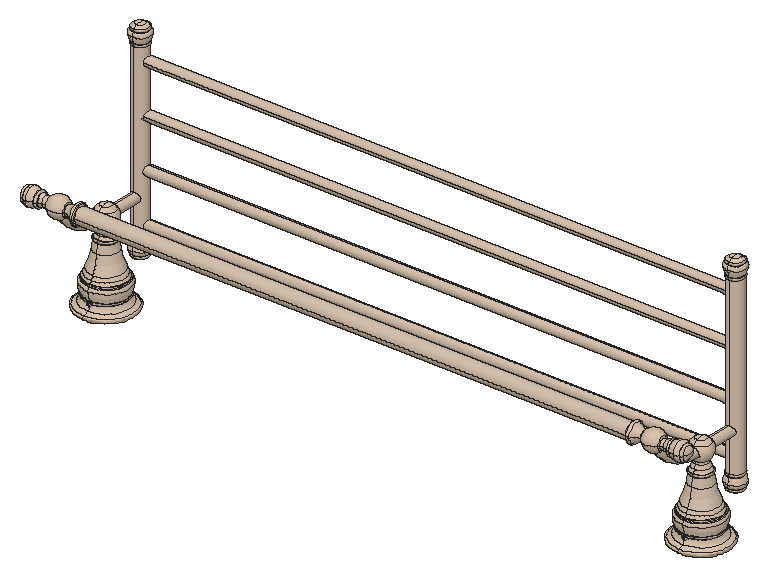
Revit family "Accessory-Towel_Bar-KOHLER-REVIVAL-K-98107T_1", category Specialty Equipment, host Face, Revit 2021 (continued)
Definition of nested family "K-98107T"
  Lines and regions (in)
    Masking region 3
      outline origin (0, 0, 0) x (0, 1, 0) y (0, 0, 1)
        loop
          arc (-0.2671, 2.87788) -> (-0.27576, 2.82753) -> (-0.29324, 2.77953) r 0.28599
          arc (-0.29324, 2.77953) -> (-0.34173, 2.67017) -> (-0.38552, 2.55884) r 2.81035
          arc (-0.38552, 2.55884) -> (-0.398, 2.54035) -> (-0.4176, 2.52969) r 0.04696
          arc (-0.4176, 2.52969) -> (-0.43972, 2.50656) -> (-0.42915, 2.47636) r 0.03062
          arc (-0.42915, 2.47636) -> (-0.41728, 2.4604) -> (-0.41442, 2.44072) r 0.04063
          arc (-0.41442, 2.44072) -> (-0.47015, 2.06586) -> (-0.55942, 1.69754) r 4.20474
          arc (-0.55942, 1.69754) -> (-0.62716, 1.50077) -> (-0.71373, 1.31151) r 2.13674
          arc (-0.71373, 1.31151) -> (-0.75405, 1.22981) -> (-0.79121, 1.14662) r 2.36848
          arc (-0.79121, 1.14662) -> (-0.80183, 1.13037) -> (-0.81746, 1.11886) r 0.05473
          arc (-0.81746, 1.11886) -> (-0.83253, 1.10239) -> (-0.83242, 1.08006) r 0.03063
          arc (-0.83242, 1.08006) -> (-0.83134, 1.06382) -> (-0.83994, 1.05) r 0.02655
          arc (-0.83994, 1.05) -> (-0.88339, 0.9924) -> (-0.89791, 0.92173) r 0.16394
          arc (-0.89791, 0.92173) -> (-0.89427, 0.84956) -> (-0.88617, 0.77775) r 1.16567
          arc (-0.88617, 0.77775) -> (-0.86357, 0.66873) -> (-0.82785, 0.56327) r 0.91173
          arc (-0.82785, 0.56327) -> (-0.82715, 0.54774) -> (-0.83643, 0.53528) r 0.02314
          arc (-0.83643, 0.53528) -> (-0.8502, 0.51116) -> (-0.83915, 0.48568) r 0.03103
          arc (-0.83915, 0.48568) -> (-0.82509, 0.46624) -> (-0.82192, 0.44245) r 0.04909
          arc (-0.82192, 0.44245) -> (-0.84164, 0.35639) -> (-0.87977, 0.27675) r 0.39973
          arc (-0.87977, 0.27675) -> (-0.97513, 0.17591) -> (-1.10224, 0.12022) r 0.34894
          arc (-1.10224, 0.12022) -> (-1.14985, 0.05434) -> (-1.0894, 0) r 0.06079
    symbolic lines, detail levels medium+fine
      curve 1: line (-13.3264, -2.70409, 0) -> (-13.3264, -2.08799, 0)
      curve 2: line (-13.24477, -2.07219, 0) -> (-13.24477, -2.71989, 0)
      curve 3: line (-13.20679, -2.0682, 0) -> (-13.20679, -2.72387, 0)
      curve 4: line (-12.77574, -2.0707, 0) -> (-12.77574, -2.72138, 0)
      curve 5: line (-12.80629, -2.07548, 0) -> (-12.80629, -2.71659, 0)
      curve 6: line (-12.69102, -2.10322, 0) -> (-12.69102, -2.68886, 0)
      curve 7: line (-12.33019, -2.17314, 0) -> (-12.33019, -2.61894, 0)
      curve 8: line (-11.64911, -2.17728, 0) -> (-11.64911, -2.62095, 0)
      curve 9: line (-11.12809, -2.05118, 0) -> (-11.12809, -2.67323, 0)
      curve 10: line (-11.26416, -1.99726, 0) -> (-11.26416, -2.80097, 0)
      curve 11: arc (-12.18658, 0.39096, 0) -> (-12.42661, -0.00042, 0) -> (-12.18583, -0.39134, 0) r 0.43842
      curve 12: arc (-11.78768, -0.38988, 0) -> (-11.54977, 0.00119, 0) -> (-11.7898, 0.39096, 0) r 0.43842
      curve 13: line (-12.18658, 1.1321, 0) -> (-12.18658, 0.36202, 0)
      curve 14: line (-11.7898, 1.1321, 0) -> (-11.7898, 0.36202, 0)
      curve 15: line (-11.78768, -1.14961, 0) -> (-11.78768, -0.36202, 0)
      curve 16: line (-12.18583, -1.13223, 0) -> (-12.18583, -0.36202, 0)
      curve 17: line (-11.7409, 0.36202, 0) -> (-12.23548, 0.36202, 0)
      curve 18: line (-11.7409, -0.36202, 0) -> (-12.23548, -0.36202, 0)
      curve 19: arc (-12.18658, 1.08882, 0) -> (-13.09494, -0.00038, 0) -> (-12.18583, -1.08896, 0) r 1.10675
      curve 20: arc (-12.18658, 0.80632, 0) -> (-12.81856, -0.00039, 0) -> (-12.18583, -0.8065, 0) r 0.83037
      curve 21: arc (-12.18658, 0.78603, 0) -> (-12.79887, -0.00039, 0) -> (-12.18583, -0.78622, 0) r 0.81068
      curve 22: arc (-12.18658, 1.06881, 0) -> (-13.07525, -0.00038, 0) -> (-12.18583, -1.06895, 0) r 1.08706
      curve 23: arc (-12.18658, 0.87567, 0) -> (-12.88605, -0.00038, 0) -> (-12.18583, -0.87584, 0) r 0.89786
      curve 24: arc (-11.67536, 1.04108, 0) -> (-11.7322, 1.05649, 0) -> (-11.7898, 1.06881, 0) r 1.08706
      curve 25: arc (-11.78768, -1.06841, 0) -> (-10.90266, -0.0578, 0) -> (-11.67536, 1.04108, 0) r 1.08706
      curve 26: arc (-11.78768, -1.08843, 0) -> (-10.88144, 0.00108, 0) -> (-11.7898, 1.08882, 0) r 1.10675
      curve 27: arc (-11.78768, -0.8058, 0) -> (-11.15782, 0.00109, 0) -> (-11.7898, 0.80632, 0) r 0.83037
      curve 28: arc (-11.78768, -0.7855, 0) -> (-11.17751, 0.00109, 0) -> (-11.7898, 0.78603, 0) r 0.81068
      curve 29: arc (-11.78768, -0.87519, 0) -> (-11.09033, 0.00109, 0) -> (-11.7898, 0.87567, 0) r 0.89786
      curve 30: line (13.3264, -2.70409, 0) -> (13.3264, -2.08799, 0)
      curve 31: line (13.24477, -2.07219, 0) -> (13.24477, -2.71989, 0)
      curve 32: line (13.20679, -2.0682, 0) -> (13.20679, -2.72387, 0)
      curve 33: line (12.77574, -2.0707, 0) -> (12.77574, -2.72138, 0)
      curve 34: line (12.80629, -2.07548, 0) -> (12.80629, -2.71659, 0)
      curve 35: line (12.69102, -2.10322, 0) -> (12.69102, -2.68886, 0)
      curve 36: line (12.33019, -2.17314, 0) -> (12.33019, -2.61894, 0)
      curve 37: line (11.12809, -2.05118, 0) -> (11.12809, -2.67323, 0)
      curve 38: line (11.26416, -1.99726, 0) -> (11.26416, -2.80097, 0)
      curve 39: arc (12.18658, 0.39096, 0) -> (12.42661, -0.00042, 0) -> (12.18583, -0.39134, 0) r 0.43842
      curve 40: arc (11.78768, -0.38988, 0) -> (11.54977, 0.00119, 0) -> (11.7898, 0.39096, 0) r 0.43842
      curve 41: line (12.18658, 1.1321, 0) -> (12.18658, 0.36202, 0)
      curve 42: line (11.7898, 1.1321, 0) -> (11.7898, 0.36202, 0)
      curve 43: line (11.78768, -1.14961, 0) -> (11.78768, -0.36202, 0)
      curve 44: line (12.18583, -1.13223, 0) -> (12.18583, -0.36202, 0)
      curve 45: line (11.7409, 0.36202, 0) -> (12.23548, 0.36202, 0)
      curve 46: line (11.7409, -0.36202, 0) -> (12.23548, -0.36202, 0)
      curve 47: arc (12.18658, 1.08882, 0) -> (13.09494, -0.00038, 0) -> (12.18583, -1.08896, 0) r 1.10675
      curve 48: arc (12.18658, 0.80632, 0) -> (12.81856, -0.00039, 0) -> (12.18583, -0.8065, 0) r 0.83037
      curve 49: arc (12.18658, 0.78603, 0) -> (12.79887, -0.00039, 0) -> (12.18583, -0.78622, 0) r 0.81068
      curve 50: arc (12.18658, 1.06881, 0) -> (13.07525, -0.00038, 0) -> (12.18583, -1.06895, 0) r 1.08706
      curve 51: arc (12.18658, 0.87567, 0) -> (12.88605, -0.00038, 0) -> (12.18583, -0.87584, 0) r 0.89786
      curve 52: arc (11.67536, 1.04108, 0) -> (11.7322, 1.05649, 0) -> (11.7898, 1.06881, 0) r 1.08706
      curve 53: arc (11.78768, -1.06841, 0) -> (10.90266, -0.0578, 0) -> (11.67536, 1.04108, 0) r 1.08706
      curve 54: arc (11.78768, -1.08843, 0) -> (10.88144, 0.00108, 0) -> (11.7898, 1.08882, 0) r 1.10675
      curve 55: arc (11.78768, -0.8058, 0) -> (11.15782, 0.00109, 0) -> (11.7898, 0.80632, 0) r 0.83037
      curve 56: arc (11.78768, -0.7855, 0) -> (11.17751, 0.00109, 0) -> (11.7898, 0.78603, 0) r 0.81068
      curve 57: arc (11.78768, -0.87519, 0) -> (11.09033, 0.00109, 0) -> (11.7898, 0.87567, 0) r 0.89786
      curve 58: line (11.64911, -2.17314, 0) -> (11.64911, -2.62095, 0)
      curve 59: line (-11.14777, -1.97124, 0) -> (-11.14777, -2.82699, 0)
      curve 60: line (-11.28384, -2.01538, 0) -> (-11.28384, -2.78285, 0)
      curve 61: circle (-11.98819, 1.73228, 0) r 0.34308 normal (0, 0, 1)
      curve 62: circle (-11.98819, 1.73228, 0) r 0.29905 normal (0, 0, 1)
      curve 63: arc (-11.63047, 1.91929, 0) -> (-11.59336, 1.73228, 0) -> (-11.63047, 1.54528, 0) r 0.48975
      curve 64: arc (-11.6394, 1.91512, 0) -> (-11.6032, 1.73228, 0) -> (-11.6394, 1.54944, 0) r 0.47991
      curve 65: arc (-11.79464, 1.38932, 0) -> (-11.70544, 1.45816, 0) -> (-11.6394, 1.54944, 0) r 0.39381
      curve 66: arc (-11.6394, 1.91512, 0) -> (-12.26231, 2.01503, 0) -> (-12.18174, 1.38932, 0) r 0.39381
      curve 67: arc (-12.18174, 1.38932, 0) -> (-11.98819, 1.33847, 0) -> (-11.79464, 1.38932, 0) r 0.39381
      curve 68: arc (11.67536, 1.04108, 0) -> (11.7322, 1.05649, 0) -> (11.7898, 1.06881, 0) r 1.08706
      curve 69: circle (11.98819, 1.73228, 0) r 0.34308 normal (0, 0, -1)
      curve 70: circle (11.98819, 1.73228, 0) r 0.29905 normal (0, 0, -1)
      curve 71: arc (11.63047, 1.91929, 0) -> (11.59336, 1.73228, 0) -> (11.63047, 1.54528, 0) r 0.48975
      curve 72: arc (11.6394, 1.91512, 0) -> (11.6032, 1.73228, 0) -> (11.6394, 1.54944, 0) r 0.47991
      curve 73: arc (11.79464, 1.38932, 0) -> (11.70544, 1.45816, 0) -> (11.6394, 1.54944, 0) r 0.39381
      curve 74: arc (11.6394, 1.91512, 0) -> (12.26231, 2.01503, 0) -> (12.18174, 1.38932, 0) r 0.39381
      curve 75: arc (12.18174, 1.38932, 0) -> (11.98819, 1.33847, 0) -> (11.79464, 1.38932, 0) r 0.39381
      curve 76: arc (12.18658, 1.38075, 0) -> (11.98819, 1.32863, 0) -> (11.7898, 1.38075, 0) r 0.40365
      curve 77: arc (-12.18658, 1.38075, 0) -> (-11.98819, 1.32863, 0) -> (-11.7898, 1.38075, 0) r 0.40365
      curve 78: line (11.274, -2.00645, 0) -> (11.274, -2.79178, 0)
      curve 79: line (11.13793, -1.9798, 0) -> (11.13793, -2.81843, 0)
      curve 80: line (-10.89048, 0, 0.12003) -> (-13.06177, 0, 0.12003)
      curve 81: line (-11.15358, 0, 0.48596) -> (-12.82279, 0, 0.48596)
      curve 82: line (-11.1519, 0, 0.53401) -> (-12.82448, 0, 0.53401)
      curve 83: line (-11.16248, 0, 0.5684) -> (-12.81389, 0, 0.5684)
      curve 84: line (-11.17405, 0, 1.11912) -> (-11.66644, 0, 1.11912)
      curve 85: line (-11.15628, 0, 1.0791) -> (-11.7295, 0, 1.0791)
      curve 86: line (-11.14903, 0, 1.04704) -> (-11.78834, 0, 1.04704)
      curve 87: line (-11.67739, 0, 4.45323) -> (11.67739, 0, 4.45323)
      curve 88: line (-11.67739, 0, 4.45323) -> (-11.67739, 0, 4.93653)
      curve 89: line (-11.12715, 0, 4.93791) -> (-11.12715, 0, 4.45323)
      curve 90: line (-11.22678, 0, 5.02484) -> (-11.22678, 0, 4.45323)
      curve 91: line (-11.647, 0, 4.85013) -> (-11.647, 0, 4.45323)
      curve 92: arc (-11.67739, 0, 4.45323) -> (-11.72914, 0, 4.25638) -> (-11.67739, 0, 4.05953) r 0.40025
      curve 93: line (-11.67544, 0, 2.74156) -> (-11.67544, 0, 2.48472)
      curve 94: line (-11.67544, 0, 2.48472) -> (-11.54279, 0, 2.48472)
      curve 95: line (-11.52686, 0, 2.10753) -> (-11.6781, 0, 2.10753)
      curve 96: line (-11.6781, 0, 2.10753) -> (-11.6781, 0, 1.74171)
      curve 97: arc (-11.67544, 0, 2.48472) -> (-11.74272, 0, 2.29007) -> (-11.6781, 0, 2.09451) r 0.32161
      curve 98: line (-11.6781, 0, 1.74171) -> (-12.29928, 0, 1.74171)
      curve 99: line (-12.29928, 0, 1.74171) -> (-12.29928, 0, 2.72596)
      curve 100: arc (-11.6781, 0, 1.74171) -> (-11.64907, 0, 1.70428) -> (-11.66512, 0, 1.65971) r 0.04917
      curve 101: arc (-11.66512, 0, 1.65971) -> (-11.67261, 0, 1.64631) -> (-11.67009, 0, 1.63117) r 0.02316
      curve 102: arc (-11.67009, 0, 1.63117) -> (-11.64888, 0, 1.58806) -> (-11.63173, 0, 1.54319) r 0.52157
      curve 103: arc (-11.63173, 0, 1.54319) -> (-11.60782, 0, 1.4612) -> (-11.58973, 0, 1.37774) r 1.21329
      curve 104: arc (-11.58973, 0, 1.37774) -> (-11.60124, 0, 1.2921) -> (-11.66059, 0, 1.22929) r 0.14086
      curve 105: arc (-11.66059, 0, 1.22929) -> (-11.67181, 0, 1.2128) -> (-11.66506, 0, 1.19404) r 0.02196
      curve 106: arc (-11.66506, 0, 1.19404) -> (-11.65033, 0, 1.14624) -> (-11.68392, 0, 1.10918) r 0.05054
      curve 107: arc (-11.86737, 0, 1.01427) -> (-11.97111, 0, 0.99412) -> (-12.07634, 0, 1.00381) r 0.37379
      curve 108: arc (-11.68392, 0, 1.10918) -> (-11.77223, 0, 1.05512) -> (-11.86737, 0, 1.01427) r 0.72084
      curve 109: arc (-12.29827, 0, 1.74171) -> (-12.3273, 0, 1.70428) -> (-12.31126, 0, 1.65971) r 0.04917
      curve 110: arc (-12.31126, 0, 1.65971) -> (-12.30376, 0, 1.64631) -> (-12.30629, 0, 1.63117) r 0.02316
      curve 111: arc (-12.30629, 0, 1.63117) -> (-12.3275, 0, 1.58806) -> (-12.34465, 0, 1.54319) r 0.52157
      curve 112: arc (-12.34465, 0, 1.54319) -> (-12.36856, 0, 1.4612) -> (-12.38665, 0, 1.37774) r 1.21329
      curve 113: arc (-12.38665, 0, 1.37774) -> (-12.37514, 0, 1.2921) -> (-12.31579, 0, 1.22929) r 0.14086
      curve 114: arc (-12.31579, 0, 1.22929) -> (-12.30457, 0, 1.2128) -> (-12.31132, 0, 1.19404) r 0.02196
      curve 115: arc (-12.31132, 0, 1.19404) -> (-12.32605, 0, 1.14624) -> (-12.29246, 0, 1.10918) r 0.05054
      curve 116: arc (-12.29246, 0, 1.10918) -> (-12.18882, 0, 1.04742) -> (-12.07634, 0, 1.00381) r 0.72084
      curve 117: line (-12.30994, 0, 1.11912) -> (-12.80233, 0, 1.11912)
      curve 118: line (-12.24688, 0, 1.0791) -> (-12.8201, 0, 1.0791)
      curve 119: line (-12.18804, 0, 1.04704) -> (-12.82734, 0, 1.04704)
      curve 120: line (-11.66512, 0, 1.65971) -> (-12.31126, 0, 1.65971)
      curve 121: line (-11.67009, 0, 1.63117) -> (-12.30629, 0, 1.63117)
      curve 122: line (-11.66059, 0, 1.22929) -> (-12.31579, 0, 1.22929)
      curve 123: line (-11.66506, 0, 1.19404) -> (-12.31132, 0, 1.19404)
      curve 124: line (-11.67873, 0, 2.97284) -> (-11.67873, 0, 3.5868)
      curve 125: line (-12.29765, 0, 2.97284) -> (-12.29765, 0, 3.5868)
      curve 126: line (-13.33018, 0, 4.33264) -> (-13.33018, 0, 4.92262)
      curve 127: line (-13.23816, 0, 4.95121) -> (-13.23816, 0, 4.30527)
      curve 128: line (-13.20452, 0, 4.95556) -> (-13.20452, 0, 4.30092)
      curve 129: line (-12.80309, 0, 4.94847) -> (-12.80309, 0, 4.30801)
      curve 130: line (-12.77059, 0, 4.95422) -> (-12.77059, 0, 4.30227)
      curve 131: line (-12.67009, 0, 4.89538) -> (-12.67009, 0, 4.3611)
      curve 132: line (-12.68758, 0, 4.91969) -> (-12.68758, 0, 4.3368)
      curve 133: line (-12.32729, 0, 4.85186) -> (-12.32729, 0, 4.40462)
      curve 134: line (-12.29919, 0, 4.94083) -> (-12.29765, 0, 4.31382)
      curve 135: arc (-11.67608, 0, 6.42173) -> (-11.74752, 0, 6.23276) -> (-11.67608, 0, 6.04378) r 0.28568
      curve 136: arc (-11.67719, 0, 8.39024) -> (-11.74369, 0, 8.20106) -> (-11.67608, 0, 8.01228) r 0.29984
      curve 137: line (-12.37684, 0, 2.54837) -> (-12.29928, 0, 2.54837)
      curve 138: line (-12.40084, 0, 2.53049) -> (-12.29928, 0, 2.53049)
      curve 139: line (-12.41217, 0, 2.47701) -> (-12.29928, 0, 2.47701)
      curve 140: line (-12.39798, 0, 2.45042) -> (-12.29928, 0, 2.45042)
      curve 141: line (-11.59954, 0, 2.54837) -> (-11.67544, 0, 2.54837)
      curve 142: line (-11.56774, 0, 2.5309) -> (-11.67544, 0, 2.5309)
      curve 143: line (-11.68548, 0, 9.38798) -> (-12.2909, 0, 9.38798)
      curve 144: line (-11.66551, 0, 9.30484) -> (-12.31086, 0, 9.30484)
      curve 145: line (-11.66299, 0, 9.26978) -> (-12.31339, 0, 9.26978)
      curve 146: line (-11.6684, 0, 8.87036) -> (-12.31339, 0, 8.87036)
      curve 147: line (-11.66359, 0, 8.83397) -> (-12.31279, 0, 8.83397)
      curve 148: line (-11.67719, 0, 8.75244) -> (-12.29919, 0, 8.75244)
      curve 149: line (10.89048, 0, 0.12003) -> (13.06177, 0, 0.12003)
      curve 150: line (11.15358, 0, 0.48596) -> (12.82279, 0, 0.48596)
      curve 151: line (11.1519, 0, 0.53401) -> (12.82448, 0, 0.53401)
      curve 152: line (11.16248, 0, 0.5684) -> (12.81389, 0, 0.5684)
      curve 153: line (11.17405, 0, 1.11912) -> (11.66644, 0, 1.11912)
      curve 154: line (11.15628, 0, 1.0791) -> (11.7295, 0, 1.0791)
      curve 155: line (11.14903, 0, 1.04704) -> (11.78834, 0, 1.04704)
      curve 156: line (11.67739, 0, 4.45323) -> (11.67739, 0, 4.93653)
      curve 157: line (11.12715, 0, 4.93791) -> (11.12715, 0, 4.45323)
      curve 158: line (11.22678, 0, 5.02484) -> (11.22678, 0, 4.45323)
      curve 159: line (11.647, 0, 4.85013) -> (11.647, 0, 4.45323)
      curve 160: arc (11.67739, 0, 4.45323) -> (11.72914, 0, 4.25638) -> (11.67739, 0, 4.05953) r 0.40025
      curve 161: line (11.67544, 0, 2.74156) -> (11.67544, 0, 2.48472)
      curve 162: line (11.67544, 0, 2.48472) -> (11.54279, 0, 2.48472)
      curve 163: line (11.52686, 0, 2.10753) -> (11.6781, 0, 2.10753)
      curve 164: line (11.6781, 0, 2.10753) -> (11.6781, 0, 1.74171)
      curve 165: arc (11.67544, 0, 2.48472) -> (11.74272, 0, 2.29007) -> (11.6781, 0, 2.09451) r 0.32161
      curve 166: line (11.6781, 0, 1.74171) -> (12.29928, 0, 1.74171)
      curve 167: line (12.29928, 0, 1.74171) -> (12.29928, 0, 2.72596)
      curve 168: arc (11.6781, 0, 1.74171) -> (11.64907, 0, 1.70428) -> (11.66512, 0, 1.65971) r 0.04917
      curve 169: arc (11.66512, 0, 1.65971) -> (11.67261, 0, 1.64631) -> (11.67009, 0, 1.63117) r 0.02316
      curve 170: arc (11.67009, 0, 1.63117) -> (11.64888, 0, 1.58806) -> (11.63173, 0, 1.54319) r 0.52157
      curve 171: arc (11.63173, 0, 1.54319) -> (11.60782, 0, 1.4612) -> (11.58973, 0, 1.37774) r 1.21329
      curve 172: arc (11.58973, 0, 1.37774) -> (11.60124, 0, 1.2921) -> (11.66059, 0, 1.22929) r 0.14086
      curve 173: arc (11.66059, 0, 1.22929) -> (11.67181, 0, 1.2128) -> (11.66506, 0, 1.19404) r 0.02196
      curve 174: arc (11.66506, 0, 1.19404) -> (11.65033, 0, 1.14624) -> (11.68392, 0, 1.10918) r 0.05054
      curve 175: arc (11.86737, 0, 1.01427) -> (11.97111, 0, 0.99412) -> (12.07634, 0, 1.00381) r 0.37379
      curve 176: arc (11.68392, 0, 1.10918) -> (11.77223, 0, 1.05512) -> (11.86737, 0, 1.01427) r 0.72084
      curve 177: arc (12.29827, 0, 1.74171) -> (12.3273, 0, 1.70428) -> (12.31126, 0, 1.65971) r 0.04917
      curve 178: arc (12.31126, 0, 1.65971) -> (12.30376, 0, 1.64631) -> (12.30629, 0, 1.63117) r 0.02316
      curve 179: arc (12.30629, 0, 1.63117) -> (12.3275, 0, 1.58806) -> (12.34465, 0, 1.54319) r 0.52157
      curve 180: arc (12.34465, 0, 1.54319) -> (12.36856, 0, 1.4612) -> (12.38665, 0, 1.37774) r 1.21329
      curve 181: arc (12.38665, 0, 1.37774) -> (12.37514, 0, 1.2921) -> (12.31579, 0, 1.22929) r 0.14086
      curve 182: arc (12.31579, 0, 1.22929) -> (12.30457, 0, 1.2128) -> (12.31132, 0, 1.19404) r 0.02196
      curve 183: arc (12.31132, 0, 1.19404) -> (12.32605, 0, 1.14624) -> (12.29246, 0, 1.10918) r 0.05054
      curve 184: arc (12.29246, 0, 1.10918) -> (12.18882, 0, 1.04742) -> (12.07634, 0, 1.00381) r 0.72084
      curve 185: line (12.30994, 0, 1.11912) -> (12.80233, 0, 1.11912)
      curve 186: line (12.24688, 0, 1.0791) -> (12.8201, 0, 1.0791)
      curve 187: line (12.18804, 0, 1.04704) -> (12.82734, 0, 1.04704)
      curve 188: line (11.66512, 0, 1.65971) -> (12.31126, 0, 1.65971)
      curve 189: line (11.67009, 0, 1.63117) -> (12.30629, 0, 1.63117)
      curve 190: line (11.66059, 0, 1.22929) -> (12.31579, 0, 1.22929)
      curve 191: line (11.66506, 0, 1.19404) -> (12.31132, 0, 1.19404)
      curve 192: line (11.67873, 0, 2.97284) -> (11.67873, 0, 3.5868)
      curve 193: line (12.29765, 0, 2.97284) -> (12.29765, 0, 3.5868)
      curve 194: line (13.33018, 0, 4.33264) -> (13.33018, 0, 4.92262)
      curve 195: line (13.23816, 0, 4.95121) -> (13.23816, 0, 4.30527)
      curve 196: line (13.20452, 0, 4.95556) -> (13.20452, 0, 4.30092)
      curve 197: line (12.80309, 0, 4.94847) -> (12.80309, 0, 4.30801)
      curve 198: line (12.77059, 0, 4.95422) -> (12.77059, 0, 4.30227)
      curve 199: line (12.67009, 0, 4.89538) -> (12.67009, 0, 4.3611)
      curve 200: line (12.68758, 0, 4.91969) -> (12.68758, 0, 4.3368)
      curve 201: line (12.32729, 0, 4.85186) -> (12.32729, 0, 4.40462)
      curve 202: line (12.29919, 0, 4.94083) -> (12.29765, 0, 4.31382)
      curve 203: arc (11.67608, 0, 6.42173) -> (11.74752, 0, 6.23276) -> (11.67608, 0, 6.04378) r 0.28568
      curve 204: arc (11.67719, 0, 8.39024) -> (11.74369, 0, 8.20106) -> (11.67608, 0, 8.01228) r 0.29984
      curve 205: line (12.37684, 0, 2.54837) -> (12.29928, 0, 2.54837)
      curve 206: line (12.40084, 0, 2.53049) -> (12.29928, 0, 2.53049)
      curve 207: line (12.41217, 0, 2.47701) -> (12.29928, 0, 2.47701)
      curve 208: line (12.39798, 0, 2.45042) -> (12.29928, 0, 2.45042)
      curve 209: line (11.59954, 0, 2.54837) -> (11.67544, 0, 2.54837)
      curve 210: line (11.56774, 0, 2.5309) -> (11.67544, 0, 2.5309)
      curve 211: line (11.68548, 0, 9.38798) -> (12.2909, 0, 9.38798)
      curve 212: line (11.66551, 0, 9.30484) -> (12.31086, 0, 9.30484)
      curve 213: line (11.66299, 0, 9.26978) -> (12.31339, 0, 9.26978)
      curve 214: line (11.6684, 0, 8.87036) -> (12.31339, 0, 8.87036)
      curve 215: line (11.66359, 0, 8.83397) -> (12.31279, 0, 8.83397)
      curve 216: line (11.67719, 0, 8.75244) -> (12.29919, 0, 8.75244)
      curve 217: line (-11.137, 0, 5.03886) -> (-11.137, 0, 4.45323)
      curve 218: line (-11.21694, 0, 5.04214) -> (-11.21694, 0, 4.45323)
      curve 219: line (11.137, 0, 5.03271) -> (11.137, 0, 4.45323)
      curve 220: line (11.21694, 0, 5.04214) -> (11.21694, 0, 4.45323)
      curve 221: line (0, 1.10224, 0.12022) -> (0, -1.10224, 0.12022)
      curve 222: line (0, 0.82192, 0.44245) -> (0, -0.82192, 0.44245)
      curve 223: line (0, 0.83915, 0.48568) -> (0, -0.83915, 0.48568)
      curve 224: line (0, 0.83643, 0.53528) -> (0, -0.83642, 0.53528)
      curve 225: line (0, 0.82785, 0.56327) -> (0, -0.83295, 0.56327)
      curve 226: line (0, 0.81746, 1.11886) -> (0, -0.81746, 1.11886)
      curve 227: line (0, -0.83242, 1.08006) -> (0, 0.83242, 1.08006)
      curve 228: line (0, 0.83994, 1.05) -> (0, -0.83994, 1.05)
      curve 229: line (0, 0.4176, 2.52969) -> (0, -0.4176, 2.52969)
      curve 230: line (0, 0.42915, 2.47636) -> (0, -0.42915, 2.47636)
      curve 231: line (0, 0.41442, 2.44072) -> (0, -0.41442, 2.44072)
      curve 232: circle (0, -2.36664, 4.63147) r 0.29958 normal (1, 0, 0)
      curve 233: arc (0, -2.03926, 4.39891) -> (0, -2.20116, 4.26558) -> (0, -2.4082, 4.23206) r 0.40157
      curve 234: circle (0, -2.36664, 4.63147) r 0.36418 normal (1, 0, 0)
      curve 235: circle (0, -2.36664, 4.63147) r 0.25094 normal (1, 0, 0)
      curve 236: line (0, 2.03422, 9.38934) -> (0, 1.43388, 9.38997)
      curve 237: line (0, 2.05491, 9.3049) -> (0, 1.40966, 9.3049)
      curve 238: line (0, 2.05569, 9.26963) -> (0, 1.40888, 9.26963)
      curve 239: line (0, 1.41281, 8.86184) -> (0, 2.05647, 8.86184)
      curve 240: line (0, 2.0631, 8.82459) -> (0, 1.40146, 8.82459)
      curve 241: line (0, 2.04331, 8.75273) -> (0, 1.4214, 8.75244)
      curve 242: line (0, 1.42126, 1.74171) -> (0, 2.04331, 1.74171)
      curve 243: line (0, 2.05777, 1.66371) -> (0, 1.4068, 1.66371)
      curve 244: line (0, 2.05175, 1.63259) -> (0, 1.41281, 1.63259)
      curve 245: line (0, 2.05716, 1.22705) -> (0, 1.40741, 1.22705)
      curve 246: line (0, 2.05493, 1.19563) -> (0, 1.40963, 1.19563)
      curve 247: line (0, 1.42126, 1.11417) -> (0, 2.04331, 1.11417)
      curve 248: line (0, 0.39697, 3.08332) -> (0, 0.39697, 3.48293)
      curve 249: line (0, -0.39697, 3.08332) -> (0, -0.39697, 3.48967)
      curve 250: line (0, 2.13068, 9.08959) -> (0, 1.33633, 9.08959)
      curve 251: line (0, 1.33389, 1.39414) -> (0, 2.13068, 1.39414)
      curve 252: arc (-12.18583, -2.0023, 0) -> (-11.98965, -1.95846, 0) -> (-11.79347, -2.0023, 0) r 0.46086
      curve 253: arc (12.18583, -2.0023, 0) -> (11.98644, -1.95847, 0) -> (11.78768, -2.00507, 0) r 0.46086
      curve 254: line (0, 0.30534, 2.96732) -> (0, -0.30534, 2.96732)
      curve 255: line (0, 0.27516, 2.92733) -> (0, -0.27516, 2.92733)
      curve 256: arc (0, 1.42126, 3.48293) -> (0, 1.49866, 3.28312) -> (0, 1.42126, 3.08332) r 0.29661
  Dimensions and locks (in)
    locked: plane 1 "Center (Front/Back)" to plane 6 at 1.73228
    locked: plane 4 to plane 5 at 23.97638
    locked: plane 7 to plane 6 at 4.09449
    plane 8 to plane 9 = 26.87795"
    locked: plane 8 to plane 9 at 26.87795
    locked: plane 10 to level at 9.5
    locked: plane 10 to plane 11 at 4.89329
    plane 12 to plane 13 = 0.7131"
    locked: plane 12 to plane 14 at 4.9685
    locked: plane 15 to plane 16 at 2.29921
    plane 20 to plane 19 = 0.37402"
    locked: plane 18 to plane 17 at 0.62205
    level to plane 21 = 8.20079"
    level to plane 22 = 6.23228"
    level to plane 23 = 4.26378"
    level to plane 24 = 2.29528"
    level to plane 10 = 9 1/2"
    plane 26 to plane 27 = 2.29528"
    aligned and locked: plane 2 to level
Types (3): name | Type | Product Page URL | Model | Finish
  (no name) | 1 | "https://www.kohler.com.cn/product/K-98107T-CP/K-98107T-AF/" | "K-98107T-AF" | Kohler-Metal-AF-Vibrant_French_Gold
  AF-Vibrant French Gold | 1 | "https://www.kohler.com.cn/product/K-98107T-CP/K-98107T-AF/" | "K-98107T-AF" | Kohler-Metal-AF-Vibrant_French_Gold
  CP-Polished Chrome | 2 | "" | "K-98107T-CP" | Kohler-Metal-CP-Polished_Chrome
